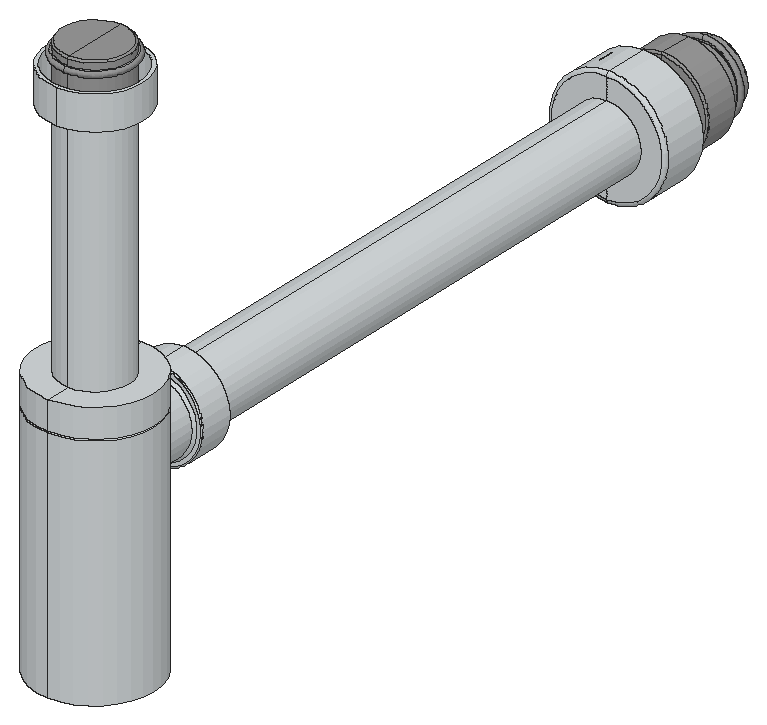
Revit family "Reece_Waste_Mizu_Drift_Bottle Trap", category Plumbing Fixtures, Revit 2018
Family settings
  Round Connector Dimension = Use Diameter
  Part Type = Normal
  Work Plane-Based = Yes
  Always vertical = Yes
  Cut with Voids When Loaded = Yes
  Shared = Yes
  Room Calculation Point = Yes
Parameters (values of type "40mm_Brushed Nickel")
  URL = "www.reece.com.au/product/-2263850"
  Type Comments = "Waste"
  Reece_Waste_Outlet = 40 mm  # constant formula
  Reece_Range_Vertical [instance] = if(Reece_Offset_Vertical > 135 mm, 135 mm, if(Reece_Offset_Vertical < 30 mm, 30 mm, Reece_Offset_Vertical))  # 135 mm
  Reece_Range_Horizontal [instance] = if(Reece_Offset_Horizontal > 297 mm, 297 mm, if(Reece_Offset_Horizontal < 50 mm, 50 mm, Reece_Offset_Horizontal))  # 297 mm
  Reece_Product_Web Page = "www.reece.com.au/product/-2263850"
  Reece_Product_Type = "Waste"  # constant formula
  Reece_Product_Sub Brand = "Drift"  # constant formula
  Reece_Product_Number = "2263850"
  Reece_Product_Mount = "Wall Mounted"
  Reece_Product_Description = "Mizu Drift Bottle Trap 40mm Brushed Nickel"
  Reece_Product_Brand = "Mizu"  # constant formula
  Reece_Overall_Width = 66 mm  # constant formula
  Reece_Overall_Length [instance] = 468.006 mm
  Reece_Overall_Height [instance] = 304 mm
  Reece_Offset_Vertical [instance] = 135 mm
  Reece_Offset_Horizontal [instance] = 297 mm
  Reece_Material_Secondary = Reece_Metal_Steel
  Reece_Material_Main = Reece_Brass_Brushed Nickel
  Reece_Detail_Shape = ""
  Reece_Detail_Installation = ""
  Reece_Detail_Disclaimer = "THIS FILE IS THE PROPERTY OF THE REECE GROUP. IT MAY NOT BE REPRODUCED, REVERSE-ENGINEERED, OR MODIFIED. ANY REPUBLICATION, TRANSMISSION, OR DISTRIBUTION FOR THE PURPOSE OF COMMERCIALLY EXPLOITING THE FILES IS PROHIBITED."  # constant formula
  Reece_Detail_Connector = ""
  Reece_Detail_Additional = "Bottle Trap"  # constant formula
  Model = "Drift"
  Manufacturer = "Mizu"
  Keynote = "Product #2263850, Reece_Waste_Mizu_Drift_Bottle Trap - 40mm_Brushed Nickel"
  Disclaimer = "THIS FILE IS THE PROPERTY OF THE REECE GROUP. IT MAY NOT BE REPRODUCED, REVERSE-ENGINEERED, OR MODIFIED. ANY REPUBLICATION, TRANSMISSION, OR DISTRIBUTION FOR THE PURPOSE OF COMMERCIALLY EXPLOITING THE FILES IS PROHIBITED."  # constant formula
  Description = "Mizu Drift Bottle Trap 40mm Brushed Nickel"
  Default Elevation = 0 mm
Types (9, lengths in mm): name | URL | Reece_Product_Web Page | Reece_Product_Number | Reece_Product_Description | Reece_Material_Main | Keynote | Description
  40mm_Brushed Nickel | "www.reece.com.au/product/-2263850" | "www.reece.com.au/product/-2263850" | "2263850" | "Mizu Drift Bottle Trap 40mm Brushed Nickel" | Reece_Brass_Brushed Nickel | "Product #2263850, Reece_Waste_Mizu_Drift_Bottle Trap - 40mm_Brushed Nickel" | "Mizu Drift Bottle Trap 40mm Brushed Nickel"
  40mm_Chrome | "www.reece.com.au/product/-2262546" | "www.reece.com.au/product/-2262546" | "2262546" | "Mizu Drift Bottle Trap 40mm Chrome" | Reece_Brass_Chrome | "Product #2262546, Reece_Waste_Mizu_Drift_Bottle Trap - 40mm_Chrome" | "Mizu Drift Bottle Trap 40mm Chrome"
  40mm_Gloss Black | "www.reece.com.au/product/-2280449" | "www.reece.com.au/product/-2280449" | "2280449" | "Mizu Drift Bottle Trap 40mm Gloss Black" | Reece_Brass_Gloss Black | "Product #2280449, Reece_Waste_Mizu_Drift_Bottle Trap - 40mm_Gloss Black" | "Mizu Drift Bottle Trap 40mm Gloss Black"
  40mm_Matte Black | "www.reece.com.au/product/-2280015" | "www.reece.com.au/product/-2280015" | "2280015" | "Mizu Drift Bottle Trap 40mm Matte Black" | Reece_Brass_Matte Black | "Product #2280015, Reece_Waste_Mizu_Drift_Bottle Trap - 40mm_Matte Black" | "Mizu Drift Bottle Trap 40mm Matte Black"
  40mm_Satin Chrome | "https://www.reece.com.au/product/-2262549" | "https://www.reece.com.au/product/-2262549" | "2262549" | "Mizu Drift Bottle Trap 40mm Satin Chrome" | Reece_Brass_Satin Chrome | "Product #2262549, Reece_Waste_Mizu_Drift_Bottle Trap - 40mm_Satin Chrome" | "Mizu Drift Bottle Trap 40mm Satin Chrome"
  40mm_White | "www.reece.com.au/product/-2262679" | "www.reece.com.au/product/-2262679" | "2262679" | "Mizu Drift Bottle Trap 40mm White" | Reece_Brass_White | "Product #2262679, Reece_Waste_Mizu_Drift_Bottle Trap - 40mm_White" | "Mizu Drift Bottle Trap 40mm White"
  40mm_Brushed Gold | "www.reece.com.au/product/-2263851" | "www.reece.com.au/product/-2263851" | "2263851" | "Mizu Drift Bottle Trap 40mm Brushed Gold" | Reece_Brass_Brushed Gold | "Product #2263851, Reece_Waste_Mizu_Drift_Bottle Trap - 40mm_Brushed Gold" | "Mizu Drift Bottle Trap 40mm Brushed Gold"
  40 mm_Gunmetal | "www.reece.com.au/product/-247004" | "www.reece.com.au/product/-247004" | "247004" | "Mizu Drift Bottle Trap 40mm Brushed Gunmetal" | Reece_Brass_Brushed Gunmetal | "Product #247004, Reece_Waste_Mizu_Drift_Bottle Trap - 40 mm_Gunmetal" | "Mizu Drift Bottle Trap 40mm Brushed Gunmetal"
  40mm_Brushed Brass | "https://www.reece.com.au/product/-9512368" | "https://www.reece.com.au/product/-9512368" | "9512368" | "Mizu Drift Bottle Trap 40mm Brushed Brass" | Reece_Brass_Brushed | "Product #9512368, Reece_Waste_Mizu_Drift_Bottle Trap - 40mm_Brushed Brass" | "Mizu Drift Bottle Trap 40mm Brushed Brass"
Reference planes
  plane 1 "Center (Front/Back)": y = 0
  plane 2 "Top Host Plate": z = 0
  plane 3 "Center (Left/Right)": x = 0
  plane 4: x = -33
  plane 5: x = 33
  plane 6: y = 385.006
  plane 7: y = -19
  plane 8: y = 19
  plane 9: y = 435.006
  plane 10: x = -33
  plane 11: x = 33
  plane 12: z = -304
  plane 13: z = -194.798
  plane 14: z = -154
  plane 15: z = -19
  plane 16: y = 62.006
  plane 17: y = 359.006
Forms (mm)
  Revolve 1, solid, material "Reece_Metal_Steel" <- "Reece_Material_Secondary"
    sketch origin (0, 0, -240) x (0, 1, 0) y (0, 0, 1)
      loop
        line (0, 252.096) -> (0, 223) -> (19, 223) -> (19, 244.745) -> (20.19, 244.745)
        arc (20.19, 244.745) -> (21.654, 246.21) -> (20.19, 247.674) r 1.464
        line (20.19, 247.674) -> (19, 247.674) -> (19, 251.181) -> (18.085, 252.096) -> (0, 252.096)
      axis (0, 252.096) -> (0, 223)
    angle from 0 to 360
  Revolve 2, solid, material "Reece_Brass_Brushed Nickel" <- "Reece_Material_Main"
    sketch origin (0, 0, -240) x (0, 1, 0) y (0, 0, 1)
      loop
        line (27, 240) -> (25, 240) -> (25, 223) -> (0, 223) -> (0, 86) -> (19, 86) -> (19, 221) -> (27, 221) -> (27, 240)
      axis (0, 240) -> (0, 86)
    angle from 0 to 360
  Revolve 3, solid, material "Reece_Brass_Brushed Nickel" <- "Reece_Material_Main"
    sketch origin (0, 0, -257) x (0, 1, 0) y (0, 0, 1)
      loop
        line (0, 103) -> (0, -47) -> (33, -47) -> (33, 86) -> (19, 86) -> (19, 87) -> (33, 87) -> (33, 103) -> (0, 103)
      axis (0, 103) -> (0, -47)
    angle from 0 to 360
  Revolve 4, solid, material "Reece_Brass_Brushed Nickel" <- "Reece_Material_Main"
    sketch origin (0, 0, -257) x (0, 1, 0) y (0, 0, 1)
      loop
        line (22.777, 62.202) -> (361.006, 62.202) -> (361.006, 93.202) -> (385.006, 93.202) -> (385.006, 95.202) -> (361.006, 95.202)
        arc (361.006, 95.202) -> (359.592, 94.616) -> (359.006, 93.202) r 2
        line (359.006, 93.202) -> (359.006, 81.202) -> (62.006, 81.202) -> (62.006, 88.002) -> (43.553, 88.002)
        arc (43.553, 88.002) -> (43.166, 87.841) -> (43.006, 87.455) r 0.546
        line (43.006, 87.455) -> (43.006, 84.058) -> (42.35, 85.194) -> (40.857, 83.702) -> (22.777, 83.702) -> (22.777, 62.202)
      axis (22.777, 62.202) -> (385.006, 62.202)
    angle from 0 to 360
  Revolve 5, solid, material "Reece_Metal_Steel" <- "Reece_Material_Secondary"
    sketch origin (0, 0, -257) x (0, 1, 0) y (0, 0, 1)
      loop
        line (361.006, 81.202) -> (361.006, 62.202) -> (435.006, 62.202) -> (435.006, 80.286) -> (434.091, 81.202) -> (428.998, 81.202) -> (428.998, 82.391)
        arc (428.998, 82.391) -> (427.533, 83.856) -> (426.069, 82.391) r 1.464
        line (426.069, 82.391) -> (426.069, 81.202) -> (416.192, 81.202) -> (416.192, 88.202) -> (398.192, 88.202)
        arc (398.192, 88.202) -> (397.485, 87.909) -> (397.192, 87.202) r 1
        line (397.192, 87.202) -> (397.192, 81.202) -> (361.006, 81.202)
      axis (361.006, 62.202) -> (435.006, 62.202)
    angle from 0 to 360
Cuts and joins
  joined: Revolve 3, Revolve 4
Text (mm)
  text "Reece ©" at (2814.118, -2669.863, 2532.832), in view "Reece Preview"
  text "Reece Copyright © 2018, Reece Ltd." at (-778.605, -221.971, 0), in view "Ref. Level"
Dimensions and locks
  "Reece_Overall_Width": plane 4 to plane 5
  equal spacing: plane 4, plane 3 "Center (Left/Right)", plane 5
  locked: plane 2 "Top Host Plate" to level
  plane 7 to plane 1 "Center (Front/Back)" to plane 8 = 19 mm locked, 19 mm locked
  locked: plane 14 to plane 12 at 150
  locked: plane 14 to plane 13 at 40.798
  locked: Revolve 4 sketch curve to Revolve 4 sketch curve at 25.8
  locked: Revolve 4 sketch curve to Revolve 4 sketch curve at 33
  "Reece_Overall_Length": cut or joined group of Revolve 3, Revolve 4 to plane 9
  locked: plane 6 to plane 9 at 50
  "Reece_Range_Vertical": plane 15 to plane 14
  locked: plane 2 "Top Host Plate" to plane 15 at 19
  "Reece_Offset_Horizontal": plane 16 to plane 17
  locked: plane 1 "Center (Front/Back)" to plane 16 at 62.006
  locked: plane 17 to plane 6 at 26
  "Reece_Overall_Height": plane 2 "Top Host Plate" to plane 12
  aligned and locked: plane 12 to Revolve 3
  aligned and locked: plane 14 to Revolve 3
  aligned and locked: Revolve 5 to plane 9
  aligned and locked: plane 2 "Top Host Plate" to Revolve 2
  aligned and locked: plane 14 to Revolve 2
  aligned and locked: plane 6 to Revolve 4
  aligned and locked: plane 16 to cut or joined group of Revolve 3, Revolve 4
  aligned and locked: plane 17 to cut or joined group of Revolve 3, Revolve 4
Automatic sketch dimensions
  Revolve 1 sketch curve to plane 1 "Center (Front/Back)" = 0 mm  (x2)
  Revolve 1 sketch curve to plane 8 = 0 mm  (x2)
  Revolve 1 sketch curve to plane 8 = 0.915 mm
  plane 8 to Revolve 1 sketch curve = 1.19 mm
  Revolve 1 sketch curve to level = 17 mm
  level to Revolve 1 sketch curve = 4.745 mm
  Revolve 1 sketch curve to Revolve 1 sketch curve = 1.464 mm
  Revolve 1 sketch curve to Revolve 1 sketch curve = 3.507 mm
  level to Revolve 1 sketch curve = 12.096 mm
  Revolve 1 sketch curve to plane 12 = 26.656 mm
  Revolve 1 sketch curve to Revolve 1 sketch curve = 67.904 mm
  Revolve 2 sketch curve to plane 1 "Center (Front/Back)" = 0 mm  (x2)
  Revolve 2 sketch curve to plane 8 = 0 mm
  Revolve 2 sketch curve to level = 0 mm
  plane 8 to Revolve 2 sketch curve = 6 mm
  Revolve 2 sketch curve to Revolve 2 sketch curve = 2 mm  (x2)
  Revolve 2 sketch curve to Revolve 2 sketch curve = 17 mm
  plane 14 to Revolve 2 sketch curve = 0 mm
  Revolve 2 sketch curve to plane 12 = 26.656 mm
  level to Revolve 2 sketch curve = 80 mm
  Revolve 3 sketch curve to plane 1 "Center (Front/Back)" = 0 mm  (x2)
  Revolve 3 sketch curve to plane 8 = 0 mm
  Revolve 3 sketch curve to plane 12 = 0 mm
  Revolve 3 sketch curve to plane 14 = 0 mm
  plane 8 to Revolve 3 sketch curve = 14 mm
  Revolve 3 sketch curve to Revolve 3 sketch curve = 0 mm
  Revolve 3 sketch curve to Revolve 3 sketch curve = 1 mm
  Revolve 3 sketch curve to plane 12 = 43.656 mm
  level to Revolve 3 sketch curve = 63 mm
  Revolve 4 sketch curve to plane 1 "Center (Front/Back)" = 0 mm
  plane 13 to Revolve 4 sketch curve = 0 mm
  plane 9 to Revolve 4 sketch curve = 153.242 mm
  Revolve 5 sketch curve to plane 1 "Center (Front/Back)" = 0 mm
  Revolve 5 sketch curve to plane 9 = 0 mm
  plane 13 to Revolve 5 sketch curve = 0 mm
  Revolve 5 sketch curve to plane 13 = 0 mm
  Revolve 5 sketch curve to plane 6 = 12.186 mm
  Revolve 5 sketch curve to Revolve 5 sketch curve = 1 mm
  Revolve 5 sketch curve to Revolve 5 sketch curve = 18 mm
  Revolve 5 sketch curve to plane 9 = 8.938 mm
  Revolve 5 sketch curve to Revolve 5 sketch curve = 1.464 mm
  Revolve 5 sketch curve to plane 9 = 0.915 mm
  Revolve 5 sketch curve to Revolve 5 sketch curve = 1.19 mm  (x2)
  Revolve 5 sketch curve to Revolve 5 sketch curve = 153.242 mm
  Revolve 3 sketch curve to Revolve 3 sketch curve = 17 mm
  Revolve 5 sketch curve to Revolve 5 sketch curve = 18.085 mm
  Revolve 5 sketch curve to Revolve 5 sketch curve = 0.915 mm
  Revolve 5 sketch curve to Revolve 5 sketch curve = 19 mm
  Revolve 5 sketch curve to Revolve 5 sketch curve = 6 mm
  Revolve 4 sketch curve to plane 13 = 0 mm
  plane 6 to Revolve 4 sketch curve = 0 mm
  plane 8 to Revolve 4 sketch curve = 3.777 mm
  Revolve 4 sketch curve to Revolve 4 sketch curve = 18.081 mm
  Revolve 4 sketch curve to Revolve 4 sketch curve = 1.493 mm
  Revolve 4 sketch curve to Revolve 4 sketch curve = 0.656 mm
  Revolve 4 sketch curve to Revolve 4 sketch curve = 0.546 mm
  Revolve 4 sketch curve to Revolve 4 sketch curve = 18.454 mm
  plane 13 to Revolve 4 sketch curve = 19 mm
  Revolve 4 sketch curve to Revolve 4 sketch curve = 0.357 mm
  Revolve 4 sketch curve to Revolve 4 sketch curve = 1.136 mm
  Revolve 4 sketch curve to Revolve 4 sketch curve = 2.261 mm
  Revolve 4 sketch curve to Revolve 4 sketch curve = 0 mm  (x2)
  Revolve 4 sketch curve to plane 17 = 0 mm
  Revolve 4 sketch curve to Revolve 4 sketch curve = 2 mm
  Revolve 5 sketch curve to plane 17 = 2 mm
Connectors
  piping at (0, 0, 12.096), diameter 40, driven by "Reece_Waste_Outlet"
    settings: on Revolve 1, index 1, connector inside diameter 609.6 mm, connector length 0 mm, flow factor 0, pipe flow 0.0 L/s, pressure drop 0.0 Pa, fitting loss kfactor 0, connector angle 0.00°, fixture units 0, engagement length 0 mm, angle of deflection 0.00°, flow configuration 0, flow direction 1, fitting loss method 0, system type 29, joint type 0, gender type 0, connector reference index 2, connector utility 0, adjustable connector no, is connector primary yes, connector description ""
  piping at (0, 435.006, -194.798), diameter 40, driven by "Reece_Waste_Outlet"
    settings: on Revolve 5, index 2, connector inside diameter 609.6 mm, connector length 0 mm, flow factor 0, pipe flow 0.0 L/s, pressure drop 0.0 Pa, fitting loss kfactor 0, connector angle 0.00°, fixture units 0, engagement length 0 mm, angle of deflection 0.00°, flow configuration 0, flow direction 2, fitting loss method 0, system type 29, joint type 0, gender type 0, connector reference index 1, connector utility 0, adjustable connector no, is connector primary no, connector description ""
